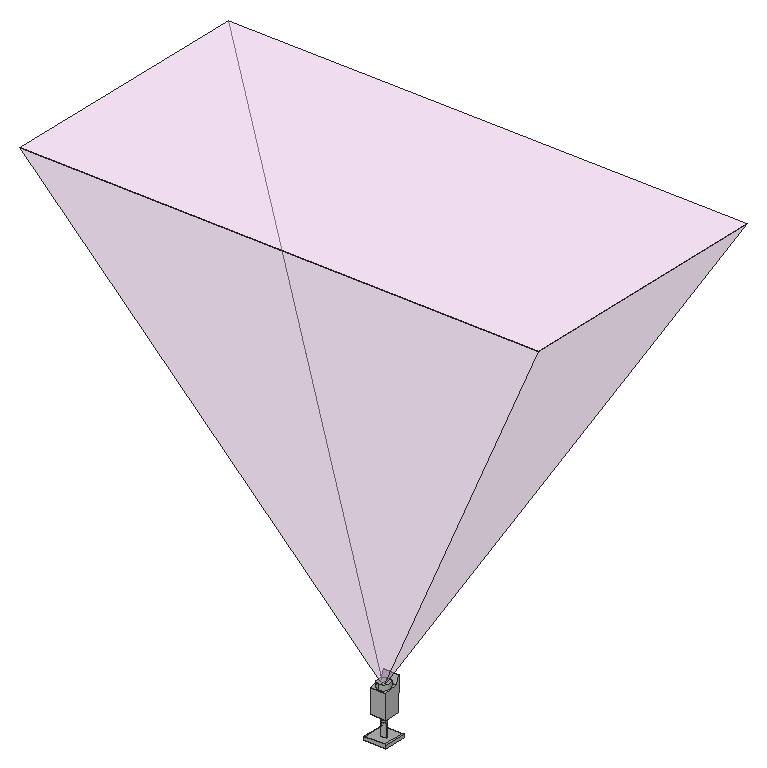
Revit family "Camera-Security-Panasonic-Super_Dynamic-Weatherproof-Network-S1531LNSeriesX", category Security Devices, host Face, Revit 2016
Family settings
  Host = Face
  Maintain Annotation Orientation = No
  Part Type = Normal
  Round Connector Dimension = Use Diameter
  OmniClass Number = 23.85.10.14.11
  OmniClass Title = Cameras
  Cut with Voids When Loaded = No
  Shared = No
  Room Calculation Point = No
Parameters (values of type "Full HD, WV-S1531LN")
  z Yaw Actual Safe [instance] = z Yaw Actual  # 0.00°
  z Yaw Actual [instance] = if(Yaw Actual < 0.00°, 360.00° - (abs(Yaw Actual) - rounddown(abs(Yaw Actual) / 360.00°) * 360.00°), Yaw Actual - rounddown(Yaw Actual / 360.00°) * 360.00°)  # 0.00°
  z VV Viewpoint Depth Min = 7.81024"
  z VV Viewpoint Depth Max = 8.13386"
  z VV Viewpoint Depth [instance] = (z VV Viewpoint Depth Max - z VV Viewpoint Depth Min) * z HFOV Ratio + z VV Viewpoint Depth Min  # 7.9261"
  z VV Origin Height [instance] = 3.11024"
  z Use Adaptor Box Actual [instance] = and(z Base Square, Use Adaptor Box)  # no
  z Tilt Actual Safe [instance] = if(Tilt Actual = -90.00°, -89.00°, Tilt Actual)  # 0.00°
  z Tilt Actual [instance] = if(Tilt Actual < 0.00°, 360.00° - (abs(Tilt Actual) - rounddown(abs(Tilt Actual) / 360.00°) * 360.00°), Tilt Actual - rounddown(Tilt Actual / 360.00°) * 360.00°)  # 0.00°
  z Pan Actual Safe [instance] = if(Pan Actual = -180.00°, 180.00°, Pan Actual)  # 0.00°
  z Pan Actual [instance] = if(Pan Actual < 0.00°, 360.00° - (abs(Pan Actual) - rounddown(abs(Pan Actual) / 360.00°) * 360.00°), Pan Actual - rounddown(Pan Actual / 360.00°) * 360.00°)  # 0.00°
  z Hinge Height = 3.79921"  # constant formula
  z HFOV Ratio [instance] = (Horizontal FOV Actual - Horizontal FOV Min) / (Horizontal FOV Max - Horizontal FOV Min)  # 0.35802
  z Distance to Floor [instance] = if(and(On Ceiling, Use Adaptor Box), Distance to Floor - 1.5748", Distance to Floor)  # 118.11024"
  z Distance to Ceiling [instance] = if(and(On Ceiling, Use Adaptor Box), Distance to Ceiling + 1.5748", Distance to Ceiling)  # 0.000"
  z Const Yaw Handle Length = 9.25197"  # constant formula
  z Const Yaw Base2 Length = 17.32283"  # constant formula
  z Const Yaw Base Length = 10.23622"  # constant formula
  z Const Yaw Axis Length = 7.87402"  # constant formula
  z Const Tilt Handle Length = 14.17323"  # constant formula
  z Const Tilt Base2 Length = 19.68504"  # constant formula
  z Const Tilt Base Length = 9.84252"  # constant formula
  z Const Pan Handle Length = 27.55906"  # constant formula
  z Const CameraYawAxis = 15.74803"  # constant formula
  z Column Height = 3.11024"  # constant formula
  z Base Square = yes
  z Camera Center Offset From Base [instance] = 1.1811"
  z Camera Center Offset Base = 1.1811"
  z Camera Center Offset = 0.2874"  # constant formula
  z Camera Bottom Height [instance] = 0.000"
  z Base Offset [instance] = if(z Use Adaptor Box Actual, 1.5748", 0.000")  # 0.000"
  z Camera Type = no
  Yawing Range = "-190 to +100"  # constant formula
  Yaw Min = -190.00°  # constant formula
  Yaw Max = 100.00°  # constant formula
  Yaw Desired [instance] = 0.00°
  Yaw Actual [instance] = if(Yaw Desired > Yaw Max, Yaw Max, if(Yaw Desired < Yaw Min, Yaw Min, Yaw Desired))  # 0.00°
  Width = 3.74016"  # constant formula
  Water and Dust Resistance = "IP66, IEC60529 measuring standard compatible, Type 4X(UL50), NEMA 4X compliant"  # constant formula
  Voltage DC = 12 V
  Vertical FOV Min [instance] = if(and(Aspect Ratio 4_3, not(Aspect Ratio 16_9)), VFOV Min 43, VFOV Min 169)  # 17.00°
  Vertical FOV Max [instance] = if(and(Aspect Ratio 4_3, not(Aspect Ratio 16_9)), VFOV Max 43, VFOV Max 169)  # 60.00°
  Vertical FOV Actual [instance] = z HFOV Ratio * (Vertical FOV Max - Vertical FOV Min) + Vertical FOV Min  # 32.3951°
  VFOV Min 43 = 19.00°
  VFOV Min 169 = 17.00°
  VFOV Max 43 = 67.00°
  VFOV Max 169 = 60.00°
  Tilt Min [instance] = if(and(not(On Ceiling), not(On Wall), z Camera Type), -0.00°, if(and(On Ceiling, On Wall, z Camera Type), -0.00°, if(and(On Ceiling, z Camera Type), -0.00°, if(and(On Wall, z Camera Type), -100.00°, -100.00°))))  # -100.00°
  Tilt Max [instance] = 100.00°  # constant formula
  Tilt Desired [instance] = 0.00°
  Tilt Actual [instance] = if(Tilt Desired > Tilt Max, Tilt Max, if(Tilt Desired < Tilt Min, Tilt Min, Tilt Desired))  # 0.00°
  Super Dynamic Range = yes
  Weight [instance] = 3.50 lbf
  Vandal Resistant = yes
  Use Adaptor Box [instance] = no
  URL = "http://security.panasonic.com/pss/security/"
  Tilting Range = "-100 to +100"  # constant formula
  Storage Temperature = Operational Temperature  # "-40 °F to 140 °F"
  Show View Volume [instance] = yes
  Shock Resistance = "Compliant with IK10 (IEC 62262)"  # constant formula
  Resolution_HD [instance] = no
  Resolution_FullHD [instance] = yes
  Regulatory Compliance = "UL UL60950-1, C-UL CAN/CSA C22.2 No.60950-1, CE, IEC60950-1 FCC Part15 ClassA, ICES003 ClassA, EN55022 ClassB, EN55024"  # constant formula
  Provide Feedback = "https://www.surveymonkey.com/s/95FL6QY"
  Product Page URL = "http://security.panasonic.com/products/wv-s1531ln/"
  Product Material = Paint - Panasonic - Light Gray
  Product Documentation Link = "http://ssbu-t.psn-web.net/Products/IP_camera/WV-S1531LN/Specsheet/WV-S1531LN-LTR.pdf"
  Power Active = 9.6 W
  Part Number = Model  # "WV-S1531LN"
  Part Description = Description  # "Security Camera, Super Dynamic, Full HD, Weatherproof, Network, WV-S1531LN"
  Panning Range = "-100 to +100"  # constant formula
  Pan Min [instance] = if(and(not(On Ceiling), not(On Wall), z Camera Type), -180.00°, if(and(On Ceiling, On Wall, z Camera Type), -180.00°, if(and(On Ceiling, z Camera Type), -180.00°, if(and(On Wall, z Camera Type), -100.00°, -100.00°))))  # -100.00°
  Pan Max [instance] = if(and(not(On Ceiling), not(On Wall), z Camera Type), 180.00°, if(and(On Ceiling, On Wall, z Camera Type), 180.00°, if(and(On Ceiling, z Camera Type), 180.00°, if(and(On Wall, z Camera Type), 100.00°, 100.00°))))  # 100.00°
  Pan Desired [instance] = 0.00°
  Pan Actual [instance] = if(Pan Desired > Pan Max, Pan Max, if(Pan Desired < Pan Min, Pan Min, Pan Desired))  # 0.00°
  PPM Desired [instance] = 300
  PPM Actual [instance] = if(PPM Desired > 1, PPM Desired, 1)  # 300
  Original Creation Date = "December, 15, 2016"
  Operational Temperature = "-40 °F to 140 °F"  # constant formula
  Operational Humidity = "10% to 90% (no condensation)"
  On Wall [instance] = no
  On Ceiling [instance] = yes
  Mounting Positions = "Mount Dependent or Surface Mount"  # constant formula
  Model Disclaimer = "Contact Panasonic for more information"  # constant formula
  Model = "WV-S1531LN"
  Minimum Illumination = 0.012 lx
  Manufacturer = "Panasonic"  # constant formula
  Indoor Or Outdoor = "Outdoor"  # constant formula
  IP Or Analog = "IP"  # constant formula
  Horizontal Resolution Actual [instance] = if(and(Aspect Ratio 4_3, not(Aspect Ratio 16_9)), Horizontal Resolution 43, Horizontal Resolution 169)  # 1920
  Horizontal Resolution 43 [instance] = if(and(not(Resolution_FullHD), not(Resolution_HD)), 2048, if(and(Resolution_FullHD, Resolution_HD), 2048, if(Resolution_FullHD, 2048, if(Resolution_HD, 1280, 4000))))  # 2048
  Horizontal Resolution 169 [instance] = if(and(not(Resolution_FullHD), not(Resolution_HD)), 1920, if(and(Resolution_FullHD, Resolution_HD), 1920, if(Resolution_FullHD, 1920, if(Resolution_HD, 1280, 3840))))  # 1920
  Horizontal FOV Min [instance] = if(and(Aspect Ratio 4_3, not(Aspect Ratio 16_9)), HFOV Min 43, HFOV Min 169)  # 31.00°
  Horizontal FOV Max [instance] = if(and(Aspect Ratio 4_3, not(Aspect Ratio 16_9)), HFOV Max 43, HFOV Max 169)  # 112.00°
  Horizontal FOV Desired [instance] = 60.00°
  Horizontal FOV Actual [instance] = if(Horizontal FOV Desired > Horizontal FOV Max, Horizontal FOV Max, if(Horizontal FOV Desired < Horizontal FOV Min, Horizontal FOV Min, Horizontal FOV Desired))  # 60.00°
  Height [instance] = 3.89764"  # constant formula
  Has POE = yes
  HFOV Min 43 = 26.00°
  HFOV Min 169 = 31.00°
  HFOV Max 43 = 91.00°
  HFOV Max 169 = 112.00°
  Family Version = "1.0.0"  # constant formula
  Equipment Number [instance] = ""
  Equipment Abbreviation = "SC"
  Distance to Screen [instance] = 393.70079"
  Distance to PPM Target [instance] = if(PPM Actual = 0, 0.000", 39.37008" * Horizontal Resolution Actual / (PPM Actual * 2 * tan(Horizontal FOV Actual / 2)))  # 218.21113"
  Distance to Floor [instance] = 118.11024"
  Distance to Ceiling [instance] = 0.000"
  Description = "Security Camera, Super Dynamic, Full HD, Weatherproof, Network, WV-S1531LN"
  Depth [instance] = 13.26772"  # constant formula
  Default Elevation = 0.000"
  Day Or Night = "Yes"  # constant formula
  Date Last Modified = "December, 15, 2016"
  Copyright = "Copyright © Panasonic"  # constant formula
  Communication Ports = "10Base-T / 100Base-TX, RJ45 connector"  # constant formula
  Audio Out = "Yes"  # constant formula
  Audio In = "Yes"  # constant formula
  Aspect Ratio 4_3 [instance] = no
  Aspect Ratio 16_9 [instance] = yes
  Angle Of View = "112"
  Alarm Input Or Output Specification = "ALARM IN 1 (DAY/NIGHT IN), ALARM IN 2 (ALARM OUT), ALARM IN 3 (AUX OUT)"  # constant formula
Types (3): name | z VV Viewpoint Depth Min | z VV Viewpoint Depth Max | z VV Viewpoint Depth | z VV Origin Height | z HFOV Ratio | z Camera Type | Vertical FOV Min | Vertical FOV Max | Vertical FOV Actual | VFOV Min 43 | VFOV Min 169 | VFOV Max 43 | VFOV Max 169 | Tilt Min | Resolution_HD | Resolution_FullHD | Product Page URL | Product Documentation Link | Power Active | Part Number | Part Description | Pan Min | Pan Max | Original Creation Date | Operational Humidity | Model | Minimum Illumination | Horizontal Resolution Actual | Horizontal Resolution 43 | Horizontal Resolution 169 | Horizontal FOV Min | Horizontal FOV Max | Horizontal FOV Actual | HFOV Min 43 | HFOV Min 169 | HFOV Max 43 | HFOV Max 169 | Distance to PPM Target | Description | Date Last Modified | Angle Of View
  Full HD, WV-S1531LN | 7.81024" | 8.13386" | 7.9261" | 3.11024" | 0.35802 | no | 17.00° | 60.00° | 32.3951° | 19.00° | 17.00° | 67.00° | 60.00° | -100.00° | no | yes | "http://security.panasonic.com/products/wv-s1531ln/" | "http://ssbu-t.psn-web.net/Products/IP_camera/WV-S1531LN/Specsheet/WV-S1531LN-LTR.pdf" | 9.6 W | "WV-S1531LN" | "Security Camera, Super Dynamic, Full HD, Weatherproof, Network, WV-S1531LN" | -100.00° | 100.00° | "December, 15, 2016" | "10% to 90% (no condensation)" | "WV-S1531LN" | 0.012 lx | 1920 | 2048 | 1920 | 31.00° | 112.00° | 60.00° | 26.00° | 31.00° | 91.00° | 112.00° | 218.21113" | "Security Camera, Super Dynamic, Full HD, Weatherproof, Network, WV-S1531LN" | "December, 15, 2016" | "112"
  HD, WV-S1511LN | 7.81024" | 8.13386" | 7.9261" | 3.11024" | 0.35802 | no | 17.00° | 60.00° | 32.3951° | 19.00° | 17.00° | 67.00° | 60.00° | -100.00° | yes | no | "http://security.panasonic.com/products/wv-s1511ln/" | "http://ssbu-t.psn-web.net/Products/IP_camera/WV-S1511LN/Specsheet/WV-S1511LN-LTR.pdf" | 9.0 W | "WV-S1511LN" | "Security Camera, Super Dynamic, HD, Weatherproof, Network, WV-S1511LN" | -100.00° | 100.00° | "December, 15, 2016" | "10% to 90% (no condensation)" | "WV-S1511LN" | 0.008 lx | 1280 | 1280 | 1280 | 31.00° | 112.00° | 60.00° | 26.00° | 31.00° | 91.00° | 112.00° | 145.47408" | "Security Camera, Super Dynamic, HD, Weatherproof, Network, WV-S1511LN" | "December, 15, 2016" | "112"
  Full HD, WV-S1531LTN | 7.79606" | 8.12756" | 8.12756" | 3.08465" | 1 | yes | 8.00° | 19.00° | 19.00° | 9.00° | 8.00° | 21.00° | 19.00° | 0.00° | no | yes | "http://security.panasonic.com/products/wv-s1531ltn/" | "http://ssbu-t.psn-web.net/Products/IP_camera/WV-S1531LTN/Specsheet/WV-S1531LTN-LTR.pdf" | 9.0 W | "WV-S1531LTN" | "Security Camera, Super Dynamic, Full HD, Weatherproof, Network, WV-S1531LTN" | -180.00° | 180.00° | "June, 1, 2017" | "10 to 100 % (no condensation)" | "WV-S1531LTN" | 0.015 lx | 1920 | 2048 | 1920 | 14.00° | 34.00° | 34.00° | 12.00° | 14.00° | 28.00° | 34.00° | 412.07592" | "Security Camera, Super Dynamic, Full HD, Weatherproof, Network, WV-S1531LTN" | "June, 1, 2017" | "34"
Reference planes (in)
  plane 1 "Center (Front/Back)": y = 0
  plane 2: z = 0
  plane 3 "Center (Left/Right)": x = 0
  plane 4: z = 0
  plane 5 "Move Up/Down": z = 3.79921
  plane 6: z = 0
  plane 7: x = -1.77165
  plane 8: x = 1.77165
  plane 9: x = -0.64173
  plane 10: x = 0.64173
  plane 11: x = -2.61811
  plane 12: x = 2.61811
  plane 13 "Square Base Top": z = 0.7874
  plane 14 "Column Top": z = 3.11024
  plane 15 "Move Left/Right": x = 0
  plane 16 "Round Base Top": z = 0.45276
  plane 17: y = -1.77165
  plane 18: y = 1.77165
  plane 19: z = 0.59055
  plane 20 "BP": z = 3.11024
  plane 21: y = 2.61811
  plane 22: y = -2.61811
  plane 23: x = 5.23622
  plane 24: y = -2.42126
  plane 25: y = 2.42126
Forms (in)
  Revolve 1, solid, material "Paint - Panasonic - Light Gray" <- "Product Material"
    sketch origin (0, 0, 0) x (1, 0, 0) y (0, 0, 1)
      loop
        line (1.77165, 0.45276) -> (0, 0.45276) -> (0, 0) -> (1.77165, 0) -> (1.77165, 0.45276)
      axis (0, 0.45276) -> (0, 0)
    angle from 0 to 360
  Revolve 2, solid, material "Paint - Panasonic - Light Gray" <- "Product Material"
    sketch origin (0, 0, 0) x (1, 0, 0) y (0, 0, 1)
      loop
        line (0, 0) -> (0.64173, 0) -> (0.64173, 3.79921) -> (0, 3.79921) -> (0, 0)
      axis (0, 3.79921) -> (0, 0)
    angle from 0 to 360
  Extrusion 3, solid, material "Paint - Panasonic - Light Gray" <- "Product Material", visible <- "z Base Square"
    sketch origin (0, 0, 0) x (1, 0, 0) y (0, 0, 1)
      loop
        line (-2.61811, 0) -> (2.61811, 0) -> (2.61811, 0.7874) -> (-2.61811, 0.7874) -> (-2.61811, 0)
    from -2.61811 to 2.61811
  Extrusion 4, void
    sketch origin (0, 0, 0) x (1, 0, 0) y (0, 0, 1)
      loop
        line (-2.42126, 0.7874) -> (-2.61811, 0.7874) -> (-2.61811, 0.59055)
        arc (-2.61811, 0.59055) -> (-2.56045, 0.72975) -> (-2.42126, 0.7874) r 0.19685
      loop
        arc (2.42126, 0.7874) -> (2.56045, 0.72975) -> (2.61811, 0.59055) r 0.19685
        line (2.61811, 0.59055) -> (2.61811, 0.7874) -> (2.42126, 0.7874)
    from -2.61811 to 2.61811
  Extrusion 5, solid, material "Paint - Panasonic - Light Gray" <- "Product Material", visible <- "z Use Adaptor Box Actual"
    sketch origin (0, 0, 0) x (1, 0, 0) y (0, 1, 0)
      loop
        line (-2.61811, 2.61811) -> (-2.61811, -2.61811) -> (2.61811, -2.61811) -> (2.61811, 2.61811) -> (-2.61811, 2.61811)
    from 0 to 1.5748
  Extrusion 6, void
    sketch origin (0, 0, 0) x (0, 1, 0) y (0, 0, 1)
      loop
        line (-2.61811, 0.7874) -> (-2.61811, 0.5919)
        arc (-2.61811, 0.5919) -> (-2.56085, 0.73014) -> (-2.42261, 0.7874) r 0.1955
        line (-2.42261, 0.7874) -> (-2.61811, 0.7874)
      loop
        line (2.61811, 0.7874) -> (2.42126, 0.7874)
        arc (2.42126, 0.7874) -> (2.56045, 0.72975) -> (2.61811, 0.59055) r 0.19685
        line (2.61811, 0.59055) -> (2.61811, 0.7874)
    from -2.61811 to 2.61811
Cuts and joins
  Extrusion 4 cuts Extrusion 3
  Extrusion 6 cuts Extrusion 5
Lines and regions (in)
  symbolic lines, not visible
    curve 1: line (-1.15, -2.6875, 0) -> (1.15, -2.6875, 0)
  reference lines
    curve 2: line (0, 0, 3.11024) -> (27.55906, 0, 3.11024)
    curve 3: line (0, 0, 3.11024) -> (0, 0, -24.44882)
    curve 4: line (0, 0, 3.11024) -> (0, -9.84252, 3.11024)
    curve 5: line (0, 0, 3.11024) -> (0, 0, 22.79528)
    curve 6: line (0, 0, 3.11024) -> (0, 0, -16.5748)
    curve 7: line (0, 0, 3.11024) -> (0, 0, 17.28346)
    curve 8: line (0, 0, 3.11024) -> (0, 10.23622, 3.11024)
    curve 9: line (0, 0, 3.11024) -> (-17.32283, 0, 3.11024)
    curve 10: line (0, 0, 3.11024) -> (-9.25197, 0, 3.11024)
    curve 11: line (0, 0, 3.11024) -> (0, 0, 10.98425)
Dimensions and locks (in)
  "z Camera Bottom Height": plane 4 to plane 2
  "z Base Offset": plane 6 to plane 4
  plane 7 to plane 3 "Center (Left/Right)" to plane 8 = 1.77165" locked, 1.77165" locked
  "z Hinge Height": plane 5 "Move Up/Down" to plane 6
  plane 9 to plane 3 "Center (Left/Right)" to plane 10 = 0.64173" locked, 0.64173" locked
  plane 12 to plane 3 "Center (Left/Right)" to plane 11 = 2.61811" locked, 2.61811" locked
  locked: plane 13 "Square Base Top" to plane 6 at 0.7874
  "z Column Height": plane 14 "Column Top" to plane 6
  locked: plane 16 "Round Base Top" to level at 0.45276
  plane 17 to plane 1 "Center (Front/Back)" to plane 18 = 1.77165" locked, 1.77165" locked
  locked: plane 13 "Square Base Top" to plane 19 at 0.19685
  "z VV Origin Height": plane 20 "BP" to plane 6
  "z Const Pan Handle Length": curve 2 to curve 2
  "z Const Pan Handle Length": curve 3 to curve 3
  "z Const Tilt Base Length": curve 4 to curve 2
  "z Const Tilt Base2 Length": curve 5 to curve 2
  "z Const Tilt Handle Length": curve 7 to curve 7
  "z Const Yaw Base Length": curve 8 to curve 8
  "z Const Yaw Base2 Length": curve 9 to curve 9
  "z Const Yaw Handle Length": curve 10 to curve 10
  "z Const Yaw Axis Length": curve 11 to curve 11
  locked: curve 3 to curve 2 (angle 90.00°)
  "z Pan Actual Safe": angle plane 1 "Center (Front/Back)" to curve 2
  locked: curve 4 to curve 6 (angle 90.00°)
  locked: curve 5 to curve 4 (angle 90.00°)
  "z Tilt Actual Safe": angle curve 5 to curve 7
  locked: curve 8 to curve 9 (angle 90.00°)
  "z Yaw Actual Safe": angle curve 9 to curve 10
  locked: curve 11 to curve 7 (angle 0.00°)
  aligned and locked: plane 2 to host face
  aligned and locked: level to host face
  aligned and locked: Revolve 1 sketch curve to plane 3 "Center (Left/Right)"
  aligned and locked: plane 6 to Revolve 1 sketch curve
  aligned and locked: Revolve 2 sketch curve to plane 3 "Center (Left/Right)"
  aligned and locked: Extrusion 5 to level
  aligned and locked: plane 16 "Round Base Top" to Revolve 1 sketch curve
  aligned and locked: level to Revolve 2
  aligned and locked: plane 19 to Extrusion 4 sketch curve  (x2)
  aligned and locked: plane 3 "Center (Left/Right)" to curve 2
  aligned and locked: plane 1 "Center (Front/Back)" to curve 2
  aligned and locked: plane 20 "BP" to curve 3
  aligned and locked: plane 20 "BP" to curve 2
  aligned and locked: plane 20 "BP" to curve 7
  aligned and locked: Extrusion 5 to plane 11
  aligned and locked: Extrusion 5 to plane 12
  aligned and locked: Extrusion 6 sketch curve to Extrusion 6 sketch curve
Automatic sketch dimensions
  host sketch curve to host sketch curve = 96.000"  (x2)
  curve 1 to plane 3 "Center (Left/Right)" = 1.150"
  plane 3 "Center (Left/Right)" to curve 1 = 1.150"
  plane 1 "Center (Front/Back)" to curve 1 = 2.6875"
  Extrusion 3 sketch curve to plane 11 = 0.000"
  plane 12 to Extrusion 3 sketch curve = 0.000"
  Extrusion 3 sketch curve to plane 6 = 0.000"
  Extrusion 3 sketch curve to plane 13 "Square Base Top" = 0.000"
  Revolve 2 sketch curve to plane 3 "Center (Left/Right)" = 0.000"
  Revolve 2 sketch curve to plane 10 = 0.000"
  Revolve 2 sketch curve to plane 13 "Square Base Top" = 0.7874"
  plane 14 "Column Top" to Revolve 2 sketch curve = 0.68898"
  Revolve 2 sketch curve to level = 24.000"
  Revolve 2 sketch curve to Revolve 2 sketch curve = 97.03378"
  Revolve 1 sketch curve to plane 3 "Center (Left/Right)" = 0.000"
  Revolve 1 sketch curve to plane 8 = 0.000"
  Revolve 1 sketch curve to Revolve 1 sketch curve = 24.000"
  plane 14 "Column Top" to Revolve 1 sketch curve = 97.96685"
  Extrusion 4 sketch curve to plane 11 = 0.000"
  Extrusion 4 sketch curve to plane 13 "Square Base Top" = 0.000"  (x2)
  plane 12 to Extrusion 4 sketch curve = 0.000"
  Extrusion 5 sketch curve to plane 11 = 0.000"
  Extrusion 5 sketch curve to plane 12 = 0.000"
  Extrusion 5 sketch curve to plane 22 = 0.000"
  Extrusion 5 sketch curve to plane 21 = 0.000"
  Extrusion 6 sketch curve to plane 13 "Square Base Top" = 0.000"
  Extrusion 6 sketch curve to plane 22 = 0.000"
  Extrusion 6 sketch curve to plane 25 = 0.000"
  Extrusion 6 sketch curve to plane 21 = 0.000"
  Extrusion 6 sketch curve to plane 24 = 0.00135"
  curve 2 to curve 3 = 0.000"
  curve 8 to curve 7 = 0.000"  (x2)
  curve 9 to curve 8 = 0.000"
  curve 10 to curve 8 = 0.000"
  curve 10 to curve 11 = 0.000"
  curve 11 to curve 10 = 0.000"
Nested families (in)
  nested 1: "S1531LNSeries_Head" at (0, 0, 3.11024) x (0, 1, 0) z (1, 0, 0), type "S1531LNSeries_Head"
  nested 2: "Camera-Security-Panasonic-ViewVolumePTYZ" at (0, 0, 3.11024), Viewpoint Depth <- "z VV Viewpoint Depth", Base Height Offset <- "z VV Origin Height", Pan <- "z Pan Actual Safe", Tilt <- "z Tilt Actual", Yaw <- "z Yaw Actual", HFOV <- "Horizontal FOV Actual", VFOV <- "Vertical FOV Actual", On Wall <- "On Wall", On Ceiling <- "On Ceiling", Floor Distance <- "z Distance to Floor", Ceiling Distance <- "z Distance to Ceiling", Target Depth <- "Distance to PPM Target", Screen Depth <- "Distance to Screen", visible <- "Show View Volume", type "Camera-Security-Panasonic-ViewVolumePTYZ"
    with z Yaw Actual 0.00°, z Void Width 1264.08076", z Void Thickness 404.73712", z Void Height Start -632.04038", z Void Height End 632.04038", z Void Direction 0, z Void Angle 0.00°, z Viewpoint Depth 7.9261", z Tilt Actual 0.00°, z Target Width 251.9685", z Target Visible yes, z Target Height 126.77199", z Target Depth 226.13723", z Screen Width 454.60651", z Screen Height 228.72451", z Screen Depth 401.62689", z Pan Actual 0.00°, z Floor Distance 118.11024", z Ceiling Distance 0.000", Yaw 0.00°, Viewpoint Origin Horizontal Offset 0.000", Viewpoint Depth 7.9261", VFOV 32.3951°, Tilt 0.00°, Target Depth 218.21113", Screen Depth 393.70079", Pan 0.00°, On Wall no, On Floor no, On Default Mount Type 0, On Ceiling yes, HFOV 60.00°, Floor Distance 118.11024", Ceiling Distance 0.000", Base Height Offset 3.11024", Base Angle Offset 0.00°
Connectors (in)
  electrical at (0, 0, 0), driven by "Power Active", driven by "Voltage DC"
    settings: on cut or joined group of Extrusion 3, Extrusion 4, index 1, voltage 12 V, apparent load 9.6 W, apparent load phase1 0.0 W, apparent load phase2 0.0 W, apparent load phase3 0.0 W, power factor 1, load classification "Other", number of poles 1, system type 30, power factor state 1, is connector primary yes, connector utility no, sub classification motor no, connector description "Electrical Connection"
  electrical at (0, 0.01191, 0)
    settings: on plane 6, index 2, voltage 0 V, apparent load 0.0 W, apparent load phase1 0.0 W, apparent load phase2 0.0 W, apparent load phase3 0.0 W, power factor 1, load classification "Other", number of poles 1, system type 5, power factor state 1, is connector primary no, connector utility no, sub classification motor no, connector description "Data Connection"
Definition of nested family "S1531LNSeries_Head"
  Parameters
    Product Material = none
    Default Elevation = 48.000"
  Reference planes (in)
    plane 1 "Center (Front/Back)": y = 0
    plane 2: z = 0
    plane 3 "Center (Left/Right)": x = 0
    plane 4 "Move Left/Right": x = 0
    plane 5: y = 10.15748
    plane 6: y = 2.16445
    plane 7: x = -1.63386
    plane 8: x = 2.26378
  Forms (in)
    Extrusion 1, solid, material <- "Product Material"
      sketch origin (0, 5.37311, -0.00091) x (1, 0, 0) y (0, -1, 0)
        loop
          line (-1.63386, 3.20866) -> (-1.63386, -2.51181) -> (1.41412, -3.10236) -> (2.26378, -4.78437) -> (1.9229, 3.20866) -> (-1.63386, 3.20866)
      from -1.87008 to 1.87008
    Revolve 2, solid, material <- "Product Material"
      sketch origin (0, 5.37311, -0.00091) x (1, 0, 0) y (0, 1, 0)
        loop
          line (0, -5.37311) -> (0, -3.20814) -> (-1.19851, -3.20814) -> (-0.6081, -4.09375) -> (-0.6081, -5.37311) -> (0, -5.37311)
        axis (0, -5.37311) -> (0, -3.20814)
      angle from 0 to 360
    Revolve 3, solid, material <- "Product Material"
      sketch origin (0, 5.37311, -0.00091) x (1, 0, 0) y (0, 1, 0)
        loop
          line (0, 2.51181) -> (1.41412, 2.51181) -> (1.41412, 3.69291) -> (0, 3.69291) -> (0, 2.51181)
        axis (0, 2.51181) -> (0, 3.69291)
      angle from 0 to 360
  Dimensions and locks (in)
    locked: plane 1 "Center (Front/Back)" to plane 5 at 10.15748
    aligned and locked: plane 2 to level
    aligned and locked: Extrusion 1 sketch curve to plane 6
    aligned and locked: plane 1 "Center (Front/Back)" to Revolve 2
Definition of nested family "Camera-Security-Panasonic-ViewVolumePTYZ"
  Parameters
    z Yaw Actual [instance] = if(Yaw < 0.00°, 360.00° - (abs(Yaw) - rounddown(abs(Yaw) / 360.00°) * 360.00°), Yaw - rounddown(Yaw / 360.00°) * 360.00°)  # 0.00°
    z Void Width [instance] = if(z Screen Width > z Screen Height, z Screen Width, z Screen Height) + abs(Viewpoint Origin Horizontal Offset) + z Void Thickness * 2  # 1265.63013"
    z Void Thickness [instance] = z Screen Depth + abs(Base Height Offset)  # 405.51181"
    z Void Height Start [instance] = -z Void Width / 2  # -632.81507"
    z Void Height End [instance] = z Void Width / 2  # 632.81507"
    z Void Direction [instance] = if((if(On Wall, 1, 0) + if(On Floor, 1, 0) + if(On Ceiling, 1, 0)) = 1, if(On Ceiling, 0, if(On Wall, 1, 2)), On Default Mount Type)  # 0
    z Viewpoint Depth [instance] = if(Viewpoint Depth < 0.03937", 0.03937", Viewpoint Depth)  # 5.90551"
    z Tilt Actual [instance] = if(Tilt < 0.00°, 360.00° - (abs(Tilt) - rounddown(abs(Tilt) / 360.00°) * 360.00°), Tilt - rounddown(Tilt / 360.00°) * 360.00°)  # 45.00°
    z Target Visible [instance] = not(Screen Depth < Target Depth)  # yes
    z Target Thickness Start = -z Target Thickness / 2  # -0.03937"
    z Target Thickness End = z Target Thickness / 2  # 0.03937"
    z Target Depth [instance] = Target Depth + Viewpoint Depth  # 84.64567"
    z Pan Actual [instance] = if(Pan < 0.00°, 360.00° - (abs(Pan) - rounddown(abs(Pan) / 360.00°) * 360.00°), Pan - rounddown(Pan / 360.00°) * 360.00°)  # 0.00°
    z Floor Distance [instance] = if(z Void Direction = 2, if(Floor Distance < 0.000", 0.000", Floor Distance), if(Floor Distance < 0.3937", 0.3937", Floor Distance))  # 118.11024"
    z Const Yaw Base2 Length = 17.32283"  # constant formula
    z Const Tilt Base2 Length = 19.68504"  # constant formula
    z Ceiling Distance [instance] = if(z Void Direction = 2, if(Ceiling Distance < 0.3937", 0.3937", Ceiling Distance), if(Ceiling Distance < 0.000", 0.000", Ceiling Distance))  # 0.000"
    z Const Void Handle Length = 23.62205"  # constant formula
    z Void Angle [instance] = if(z Void Direction = 0, 0.00° + Base Angle Offset, if(z Void Direction = 1, 90.00° + Base Angle Offset, 180.00° + Base Angle Offset))  # 0.00°
    z Screen Depth [instance] = if(Screen Depth < 3.93701", 3.93701" + Viewpoint Depth, Screen Depth + Viewpoint Depth)  # 399.6063"
    Original Creation Date = "September, 15, 2016"  # constant formula
    On Default Mount Type [instance] = 0
    Manufacturer = "Panasonic"  # constant formula
    Family Version = "1.0.0"  # constant formula
    Default Elevation = 48.000"
    Date Last Modified = "September, 15, 2016"  # constant formula
    Copyright = "Copyright © Panasonic"  # constant formula
    Base Height Offset [instance] = 5.90551"
    Base Angle Offset [instance] = 0.00°
    z Viewpoint Width = 0.03937"  # constant formula
    z Viewpoint Height = 0.03937"  # constant formula
    VFOV [instance] = 33.75°
    z Target Width [instance] = Target Depth * tan(HFOV / 2) * 2  # 90.9213"
    z Target Thickness = 0.07874"  # constant formula
    z Target Height [instance] = Target Depth * tan(VFOV / 2) * 2  # 47.77113"
    Target Depth [instance] = 78.74016"
    z Screen Width [instance] = (z Screen Depth - Viewpoint Depth) * tan(HFOV / 2) * 2  # 454.60651"
    z Screen Height [instance] = (z Screen Depth - Viewpoint Depth) * tan(VFOV / 2) * 2  # 238.85566"
    Screen Depth [instance] = 393.70079"
    z Const Yaw Handle Length = 9.25197"  # constant formula
    z Const Yaw Base Length = 10.23622"  # constant formula
    Viewpoint Depth [instance] = 5.90551"
    Viewpoint Origin Horizontal Offset [instance] = 0.000"
    z Const Tilt Handle Length = 14.17323"  # constant formula
    z Const Tilt Base Length = 9.84252"  # constant formula
    z Const Pan Handle Length = 19.68504"  # constant formula
    z Const Pan Axis Length = 15.74803"  # constant formula
    On Wall [instance] = no
    On Floor [instance] = no
    On Ceiling [instance] = yes
    HFOV [instance] = 60.00°
    Yaw [instance] = 0.00°
    Tilt [instance] = 45.00°
    Pan [instance] = 0.00°
    Floor Distance [instance] = 118.11024"
    Ceiling Distance [instance] = 0.000"
  Reference planes (in)
    plane 1 "Center (Front/Back)": y = 0
    plane 2: z = 0
    plane 3 "Center (Left/Right)": x = 0
    plane 4 "VoidOffsetBase": z = -5.90551
  Forms (in)
    Extrusion 1, void
      sketch origin (0, 0, -5.90551) x (0, 0, 1) y (0, -1, 0)
        loop
          line (523.62205, 632.81507) -> (118.11024, 632.81507) -> (118.11024, -632.81507) -> (523.62205, -632.81507) -> (523.62205, 632.81507)
        loop
          line (0, 632.81507) -> (-405.51181, 632.81507) -> (-405.51181, -632.81507) -> (0, -632.81507) -> (0, 632.81507)
      from -632.81507 <- "z Void Height Start" to 632.81507 <- "z Void Height End"
    Blend 2, solid
      base sketch origin (0, -4.17583, 4.17583) x (0, 0.707107, 0.707107) y (-1, 0, 0)
        loop
          line (-0.01969, -0.01969) -> (0.01969, -0.01969) -> (0.01969, 0.01969) -> (-0.01969, 0.01969) -> (-0.01969, -0.01969)
      top sketch origin (0, -282.56432, 282.56432) x (0, 0.707107, 0.707107) y (-1, 0, 0)
        loop
          line (-119.42783, -227.30326) -> (119.42783, -227.30326) -> (119.42783, 227.30326) -> (-119.42783, 227.30326) -> (-119.42783, -227.30326)
      from 0 to 0
    Extrusion 3, solid, visible <- "z Target Visible"
      sketch origin (0, -59.85353, 59.85353) x (0, 0.707107, 0.707107) y (-1, 0, 0)
        loop
          line (-23.88557, -45.46065) -> (23.88557, -45.46065) -> (23.88557, 45.46065) -> (-23.88557, 45.46065) -> (-23.88557, -45.46065)
      from -0.03937 <- "z Target Thickness Start" to 0.03937 <- "z Target Thickness End"
  Cuts and joins
    Extrusion 1 cuts Blend 2
    Extrusion 1 cuts Extrusion 3
  Lines and regions (in)
    reference lines
      curve 1: line (0, 0, 0) -> (19.68504, 0, 0)
      curve 2: line (0, 0, -15.74803) -> (0, 0, 0)
      curve 3: line (0, 0, 0) -> (0, -9.84252, 0)
      curve 4: line (0, 0, 0) -> (0, 0, 19.68504)
      curve 5: line (0, -10.02199, 10.02199) -> (0, 0, 0)
      curve 6: line (0, 0, 0) -> (0, 7.2381, 7.2381)
      curve 7: line (0, 0, 0) -> (-17.32283, 0, 0)
      curve 8: line (0, 0, 0) -> (-9.25197, 0, 0)
      curve 9: line (0, -4.17583, 4.17583) -> (0, 0, 0)
      curve 10: line (0, 0, 0) -> (0, -59.85353, 59.85353)
      curve 11: line (0, 0, 0) -> (0, -282.56432, 282.56432)
      curve 12: line (-0.01969, -4.16191, 4.18975) -> (0.01969, -4.16191, 4.18975)
      curve 13: line (-0.01969, -4.18975, 4.16191) -> (0.01969, -4.18975, 4.16191)
      curve 14: line (-0.01969, -4.16191, 4.18975) -> (-0.01969, -4.18975, 4.16191)
      curve 15: line (0.01969, -4.16191, 4.18975) -> (0.01969, -4.18975, 4.16191)
      curve 16: line (-45.46065, -42.96388, 76.74317) -> (45.46065, -42.96388, 76.74317)
      curve 17: line (-45.46065, -76.74317, 42.96388) -> (45.46065, -76.74317, 42.96388)
      curve 18: line (-45.46065, -42.96388, 76.74317) -> (-45.46065, -76.74317, 42.96388)
      curve 19: line (45.46065, -42.96388, 76.74317) -> (45.46065, -76.74317, 42.96388)
      curve 20: line (-227.30326, -198.1161, 367.01255) -> (-227.30326, -367.01255, 198.1161)
      curve 21: line (227.30326, -198.1161, 367.01255) -> (227.30326, -367.01255, 198.1161)
      curve 22: line (-227.30326, -198.1161, 367.01255) -> (227.30326, -198.1161, 367.01255)
      curve 23: line (-227.30326, -367.01255, 198.1161) -> (227.30326, -367.01255, 198.1161)
      curve 24: line (0, 0, -5.90551) -> (0, 0, 17.71654)
      curve 25: line (0, -632.81507, 517.71654) -> (0, 632.81507, 517.71654)
      curve 26: line (0, -632.81507, 112.20472) -> (0, -632.81507, 517.71654)
      curve 27: line (0, 632.81507, 112.20472) -> (0, -632.81507, 112.20472)
      curve 28: line (0, 632.81507, 517.71654) -> (0, 632.81507, 112.20472)
      curve 29: line (0, -632.81507, -5.90551) -> (0, 632.81507, -5.90551)
      curve 30: line (0, -632.81507, -411.41732) -> (0, -632.81507, -5.90551)
      curve 31: line (0, 632.81507, -411.41732) -> (0, -632.81507, -411.41732)
      curve 32: line (0, 632.81507, -5.90551) -> (0, 632.81507, -411.41732)
  Dimensions and locks (in)
    "z Const Pan Handle Length": curve 1 to curve 1
    "z Const Pan Axis Length": curve 2 to curve 2
    "z Const Tilt Base Length": curve 3 to curve 3
    "z Const Pan Axis Length": curve 1 to curve 2
    "Viewpoint Origin Horizontal Offset": curve 4 to curve 2
    "z Const Tilt Base2 Length": curve 4 to curve 4
    "z Const Tilt Handle Length": curve 5 to curve 5
    "z Const Yaw Base Length": curve 6 to curve 6
    "z Const Yaw Base2 Length": curve 7 to curve 7
    "z Const Yaw Handle Length": curve 8 to curve 8
    "z Viewpoint Depth": curve 9 to curve 9
    "z Target Depth": curve 10 to curve 10
    "z Screen Depth": curve 11 to curve 11
    equal spacing: curve 13, curve 9, curve 12
    "z Viewpoint Height": curve 13 to curve 12
    equal spacing: curve 14, curve 9, curve 15
    "z Viewpoint Width": curve 14 to curve 15
    equal spacing: curve 17, curve 10, curve 16
    "z Target Height": curve 17 to curve 16
    equal spacing: curve 18, curve 10, curve 19
    "z Target Width": curve 18 to curve 19
    equal spacing: curve 20, curve 11, curve 21
    "z Screen Width": curve 20 to curve 21
    equal spacing: curve 23, curve 11, curve 22
    "z Screen Height": curve 23 to curve 22
    "z Const Void Handle Length": curve 24 to curve 24
    equal spacing: curve 26, curve 24, curve 28
    "z Void Width": curve 26 to curve 28
    "z Floor Distance": curve 27 to curve 24
    "z Ceiling Distance": curve 29 to curve 24
    "z Void Thickness": curve 31 to curve 29
    "z Void Thickness": curve 25 to curve 27
    "Base Height Offset": level to plane 4 "VoidOffsetBase"
    locked: curve 3 to curve 2 (angle 90.00°)
    locked: curve 3 to curve 4 (angle 90.00°)
    "z Tilt Actual": angle curve 4 to curve 5
    locked: curve 6 to curve 7 (angle 90.00°)
    locked: curve 6 to curve 5 (angle 90.00°)
    locked: curve 9 to curve 5 (angle 0.00°)
    locked: curve 10 to curve 5 (angle 0.00°)
    locked: curve 11 to curve 5 (angle 0.00°)
    "z Void Angle": angle plane 1 "Center (Front/Back)" to curve 24
    "z Yaw Actual": angle curve 7 to curve 8
    "z Pan Actual": angle plane 1 "Center (Front/Back)" to curve 1
    aligned and locked: level to plane 2
    aligned and locked: curve 2 to curve 1
    aligned and locked: curve 2 to curve 3
    aligned and locked: curve 3 to curve 2
    aligned and locked: curve 3 to curve 5
    aligned and locked: curve 6 to curve 7
    aligned and locked: curve 6 to curve 8
    aligned and locked: curve 8 to curve 7
    aligned and locked: curve 7 to curve 6
    aligned and locked: curve 5 to curve 11
    aligned and locked: curve 11 to curve 8
    aligned and locked: curve 12 to curve 15
    aligned and locked: curve 15 to curve 15
    aligned and locked: curve 14 to curve 14
    aligned and locked: curve 13 to curve 15
    aligned and locked: curve 16 to curve 19
    aligned and locked: curve 18 to curve 18
    aligned and locked: curve 17 to curve 19
    aligned and locked: curve 22 to curve 22
    aligned and locked: curve 21 to curve 23
    aligned and locked: curve 20 to curve 23
    aligned and locked: curve 23 to curve 23
    aligned and locked: plane 1 "Center (Front/Back)" to curve 24
    aligned and locked: curve 30 to curve 26
    aligned and locked: curve 28 to curve 32
    aligned and locked: Extrusion 1 sketch curve to curve 25
    aligned and locked: Extrusion 1 sketch curve to curve 26
    aligned and locked: Extrusion 1 sketch curve to curve 27
    aligned and locked: Extrusion 1 sketch curve to curve 28
    aligned and locked: Extrusion 1 sketch curve to curve 29
    aligned and locked: Extrusion 1 sketch curve to curve 30
    aligned and locked: Extrusion 1 sketch curve to curve 31
    aligned and locked: Extrusion 1 sketch curve to curve 32
    aligned and locked: Extrusion 1 sketch curve to Extrusion 1 sketch curve  (x8)
    aligned and locked: Blend 2 sketch curve to curve 15
    aligned and locked: Blend 2 sketch curve to curve 13
    aligned and locked: Blend 2 sketch curve to curve 14
    aligned and locked: Blend 2 sketch curve to curve 12
    aligned and locked: Blend 2 sketch curve to Blend 2 sketch curve  (x8)
    aligned and locked: Blend 2 sketch curve to curve 21
    aligned and locked: Blend 2 sketch curve to curve 23
    aligned and locked: Blend 2 sketch curve to curve 20
    aligned and locked: Blend 2 sketch curve to curve 22
    aligned and locked: Extrusion 3 sketch curve to curve 19
    aligned and locked: Extrusion 3 sketch curve to curve 17
    aligned and locked: Extrusion 3 sketch curve to curve 18
    aligned and locked: Extrusion 3 sketch curve to curve 16
    aligned and locked: Extrusion 3 sketch curve to Extrusion 3 sketch curve  (x4)
    aligned and locked: plane 3 "Center (Left/Right)" to curve 1
    aligned and locked: plane 1 "Center (Front/Back)" to curve 1
    aligned and locked: level to curve 2
    aligned and locked: plane 4 "VoidOffsetBase" to curve 24
  Automatic sketch dimensions
    curve 6 to curve 5 = 0.000"
    curve 6 to curve 5 = 10.23622"
